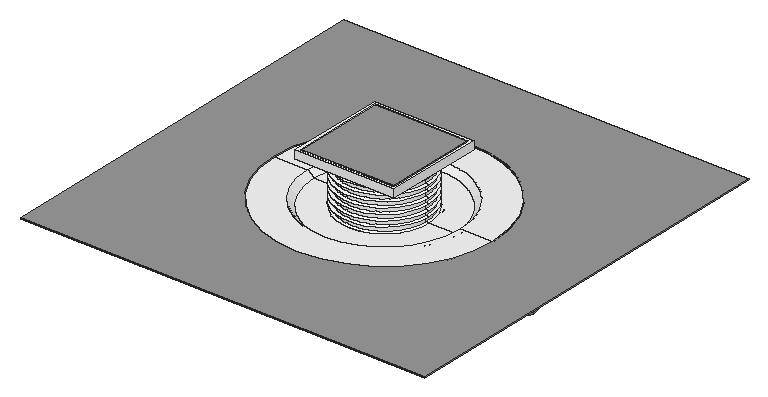
Revit family "HL_RU_Floor drain_HL90PrblueD-B-221019", category Instalační zařizovací předměty, Revit 2021
Family settings
  Kóta kulaté spojky = Použít průměr
  Typ dílu = Normální
  Číslo OmniClass = 23.70.50.21.24.14
  Nadpis OmniClass = Deck Waste Water Drains
  Založené na pracovní rovině = Ne
  Vždy vertikální = Ano
  Ořezat dutým tvarem při načtení = Ne
  Sdílené = Ano
  Bod výpočtu místnosti = Ano
Parameters
  РЕШЁТКА = "Edelstahl 115x115mm"
  РАЗМЕР = "DN40"
  ПРОПУСКНАЯ СПОСОБНОСТЬ = 0.4 L/s
  ПРОИЗВОДИТЕЛЬНОСТЬ = "0,40 l/s"
  ПРАВОВАЯ ИНФОРМАЦИЯ = "Авторские права(©), права на дизайн или какие либо другие права интелектуальной собственности являются исключительной собственностью компании HL Hutterer & Lechner. Изменению не подлежит. Файл семейства с данными о прозводителе изделия защищен паролем с водяным знаком."  # constant formula
  НОМИНАЛЬНЫЙ ДИАМЕТР = 40 mm
  НАСАДКА = "2-70mm/123mmx123mm"
  МАТЕРИАЛ = "ABS/PE"
  МАКСИМАЛЬНАЯ НАГРУЗКА КЛАССА = "K3 - 300 kg"
  ВЫСОТА МОНТАЖА = "71 mm"
  ВЕС = "0,835 [kg]"
  Výchozí výška = 0 mm
  Přípoj ventilace = no
  Výrobce = "HL Hutterer & Lechner GmbH"  # constant formula
  URL = "https://www.hutterer-lechner.com/ru/Products/catalog/Floor-drains/horizontal/without-flange/HL90PrblueD.aspx"
  Přípoj odpadních dílů = yes
  Přípoj HW = no
  Popis = "Трапы для внутренних помещений"
  Model = "HL90PrblueD"
  Komentáře k typům = "Трап с горизонтальным выпуском, с сухим сифоном Primus blue и перфорированным фланцем"
  Keynote = "HL90PrblueD"
  Высота монтажа [instance] = 129 mm
  EAN = "9003076050543"
  DN_test [instance] = if(НОМИНАЛЬНЫЙ ДИАМЕТР = 40 mm, 30 mm, 0 mm)  # 30 mm
  Přípoj CW = no
  B [instance] = Высота монтажа - 27.5 mm  # 101.5 mm
  A [instance] = if(B - 100 mm > 15 mm, B - 100 mm, 15 mm)  # 15 mm
Reference planes
  plane 1 "Center (Front/Back)": y = 0
  plane 2: z = 0
  plane 3 "Center (Left/Right)": x = 0
  plane 4 "Ball Joint Vertical": x = 25.45
  plane 5: z = -129
  plane 6: z = -101.5
Lines and regions (mm)
  model lines, style "InvisibleLines"
    curve 1: line (0, 0, 0) -> (0, 0, 1000)
  reference lines
    curve 2: line (0, 0, -101.5) -> (184.5, 0, -101.5)
  model lines, detail levels coarse+medium
    curve 3: line (0, 0, -101.5) -> (0, 0, -86.5)
    curve 4: line (0, 0, -86.5) -> (86.5, 0, 0)
    curve 5: line (0, 0, -86.5) -> (-86.5, 0, 0)
    curve 23: line (0, 0, -101.5) -> (178.25, 0, -101.5)
  symbolic lines, detail levels coarse+medium
    curve 6: line (-75, 75, 0) -> (75, 75, 0)
    curve 7: line (-75, -75, 0) -> (-75, 75, 0)
    curve 8: line (75, -75, 0) -> (-75, -75, 0)
    curve 9: line (75, 75, 0) -> (75, -75, 0)
    curve 10: line (75, 75, 0) -> (145.711, 145.711, 0)
    curve 11: line (75, -75, 0) -> (145.711, -145.711, 0)
    curve 12: line (-75, 75, 0) -> (-145.711, 145.711, 0)
    curve 13: line (-75, -75, 0) -> (-145.711, -145.711, 0)
  symbolic lines, not visible, detail levels coarse+medium
    curve 14: line (-75, 75, 0) -> (75, 75, 0)
    curve 15: line (-75, -75, 0) -> (-75, 75, 0)
    curve 16: line (75, -75, 0) -> (-75, -75, 0)
    curve 17: line (75, 75, 0) -> (75, -75, 0)
    curve 18: line (75, 75, 0) -> (145.711, 145.711, 0)
    curve 19: line (75, -75, 0) -> (145.711, -145.711, 0)
    curve 20: line (-75, 75, 0) -> (-145.711, 145.711, 0)
    curve 21: line (-75, -75, 0) -> (-145.711, -145.711, 0)
  symbolic lines, style "InvisibleLines", not visible
    curve 22: line (0, 0, 0) -> (0, 0, -30)
Text (mm)
  text "ПОЛ" at (-198.233, 0, -26.556), in view "Drain Construction View"
Dimensions and locks
  locked: plane 4 "Ball Joint Vertical" to plane 3 "Center (Left/Right)" at 25.45
  "Высота монтажа": plane 2 to plane 5
  "A": curve 5 to plane 6
  "B": curve 5 to plane 6
  "B": curve 4 to plane 6
  "B": plane 2 to plane 6
  "DN_test": curve 22 to curve 22
  locked: curve 4 to plane 3 "Center (Left/Right)" (angle 45.00°)
  locked: plane 3 "Center (Left/Right)" to curve 5 (angle 45.00°)
  aligned and locked: level to plane 2
  aligned and locked: plane 2 to curve 1
  aligned and locked: plane 3 "Center (Left/Right)" to curve 1
  aligned and locked: plane 3 "Center (Left/Right)" to curve 2
  aligned and locked: plane 3 "Center (Left/Right)" to curve 3
  aligned and locked: curve 3 to curve 2
  aligned and locked: plane 3 "Center (Left/Right)" to curve 5
  aligned and locked: nested 4 to plane 5
Automatic sketch dimensions
  curve 2 to plane 6 = 0 mm
  plane 4 "Ball Joint Vertical" to curve 2 = 159.05 mm
  curve 4 to curve 23 = 91.75 mm
  level to curve 1 = 1000 mm
Nested families
  nested 1: "HL_Насадка_HL037N.2E" at (0, 0, 0), type "HL037N.2E_Main Component"
    with Высота монтажа 70 mm, RN 11, RL 71.5 mm, R yes, NL_Test yes, NL 90 mm
  nested 2: "HL_Вкладыш сифона_HL090.5E" at (0, 0, -5.497), type "HL090.5E_Main Component"
  nested 3: "HL_Решётка_HL037Pr.1E" at (0, 0, 0), type "HL037Pr.1E_Main Component"
  nested 4: "HL_Корпус для трапа внутренних помещений_HL90KD" at (0, 0, -58.8), type "HL90KD_Main Component"
Connectors
  piping at (184.5, 0, -101.5), diameter 40, driven by "ПРОПУСКНАЯ СПОСОБНОСТЬ", driven by "НОМИНАЛЬНЫЙ ДИАМЕТР"
    settings: on curve 2, index 1, connector inside diameter 609.6 mm, connector length 0 mm, flow factor 0, pipe flow 0.4 L/s, pressure drop 0.0 Pa, fitting loss kfactor 0, connector angle 0.00°, fixture units 0, engagement length 0 mm, angle of deflection 0.00°, flow configuration 1, flow direction 2, fitting loss method 0, system type 16, joint type 0, gender type 0, connector reference index -1, connector utility 0, adjustable connector yes, is connector primary yes, connector description ""
Definition of nested family "HL_Насадка_HL037N.2E"
  Parameters
    РАЗМЕР = "d 110 mm"
    ПРАВОВАЯ ИНФОРМАЦИЯ = "Авторские права(©), права на дизайн или какие либо другие права интелектуальной собственности являются исключительной собственностью компании HL Hutterer & Lechner. Изменению не подлежит. Файл семейства с данными о прозводителе изделия защищен паролем с водяным знаком."  # constant formula
    НАСАДКА = "123x123mm"
    МАТЕРИАЛ = "PP"
    Высота монтажа [instance] = 70 mm
    ВЫСОТА МОНТАЖА = "12-70mm"
    ВЕС = "0,08 [kg]"
    Waste Connection = yes
    Default Elevation = 0 mm
    Vent Connection = no
    RD = 6.5 mm  # constant formula
    R [instance] = ((Высота монтажа - NL_Min) / RD - 1) > 2  # yes
    RL [instance] = if(Высота монтажа < 18 mm, 1 mm, RD * RN)  # 71.5 mm
    NL_Test [instance] = and(or(Высота монтажа < NL_Max, Высота монтажа = NL_Max), or(Высота монтажа > NL_Min, Высота монтажа = NL_Min))  # yes
    NL_Min = 12 mm
    NL_Max = 70 mm
    NL [instance] = if(NL_Test, Высота монтажа + 20 mm, 0 mm)  # 90 mm
    RN [instance] = if((Высота монтажа + 20 mm - NL_Min) / RD - 1 < 2, 2, (Высота монтажа + 20 mm - NL_Min) / RD - 1)  # 11
    Manufacturer = "HL Hutterer & Lechner GmbH"  # constant formula
    URL = "http://www.hutterer-lechner.com/ru/products/catalog/floor-drains/attachments/HL037pr.11e.aspx"
    HW Connection = no
    Description = "Трапы для внутренних помещений - Комплектующие"
    Model = "HL037N.2E"
    Type Comments = "HL037N.2E Насадные подрамники d 110мм/90мм/123х123мм с О-кольцом"
    Keynote = "HL037N.2E"
    EAN = "9003076015290"
    CW Connection = no
  Reference planes
    plane 1 "Center (Front/Back)": y = 0
    plane 2: z = 0
    plane 3 "Center (Left/Right)": x = 0
    plane 4 "Ball Joint Vertical": x = 25.45
    plane 5: z = -90
  Forms (mm)
    Extrusion 1, solid, detail levels fine
      sketch origin (0, 0, 0) x (1, 0, 0) y (0, 1, 0)
        loop
          line (-61.5, 61.5) -> (-61.5, -61.5) -> (61.5, -61.5) -> (61.5, 61.5) -> (-61.5, 61.5)
      from -10 to 0
    Extrusion 2, solid, detail levels fine
      sketch origin (0, 0, 0) x (1, 0, 0) y (0, 1, 0)
        loop
          circle (0, 0) r 51.744
      from -90 to -10
    Extrusion 3, void
      sketch origin (0, 0, 0) x (1, 0, 0) y (0, 1, 0)
        loop
          line (-57.5, 57.5) -> (-57.5, -57.5) -> (57.5, -57.5) -> (57.5, 57.5) -> (-57.5, 57.5)
      from 0 to -8
  Cuts and joins
    Extrusion 3 cuts Extrusion 1
  Lines and regions (mm)
    symbolic lines
      curve 1: line (0, 0, -90) -> (0, 0, 0)
    model lines
      curve 2: line (0, 0, 0) -> (0, 0, 100)
  Text (mm)
    text "ROOF/FLOOR" at (-198.233, 0, -26.556), in view "Drain Construction View"
  Dimensions and locks
    locked: plane 4 "Ball Joint Vertical" to plane 3 "Center (Left/Right)" at 25.45
    "NL": plane 2 to plane 5
    equal spacing: group 1, group 3, group 4, group 5, group 6, group 7, group 8, group 9, group 10, group 11, group 2  (x3)
    "RL": nested 2 to nested 1
    locked: nested 1 to plane 5 at 1.516
    aligned and locked: level to plane 2
    aligned and locked: plane 3 "Center (Left/Right)" to nested 1
    aligned and locked: plane 1 "Center (Front/Back)" to nested 1
    aligned and locked: plane 2 to curve 1
    aligned and locked: plane 5 to curve 1
    aligned and locked: Extrusion 2 to plane 5
  Automatic sketch dimensions
    Extrusion 1 sketch curve to plane 3 "Center (Left/Right)" = 61.5 mm
    plane 4 "Ball Joint Vertical" to Extrusion 1 sketch curve = 36.05 mm
    plane 1 "Center (Front/Back)" to Extrusion 1 sketch curve = 61.5 mm
    Extrusion 1 sketch curve to plane 1 "Center (Front/Back)" = 61.5 mm
    plane 1 "Center (Front/Back)" to Extrusion 2 sketch curve = 0 mm
    Extrusion 2 sketch curve to plane 3 "Center (Left/Right)" = 0 mm
    Extrusion 3 sketch curve to plane 3 "Center (Left/Right)" = 57.5 mm
    plane 4 "Ball Joint Vertical" to Extrusion 3 sketch curve = 32.05 mm
    plane 1 "Center (Front/Back)" to Extrusion 3 sketch curve = 57.5 mm
    Extrusion 3 sketch curve to plane 1 "Center (Front/Back)" = 57.5 mm
    curve 2 to plane 3 "Center (Left/Right)" = 0 mm
    level to curve 2 = 100 mm
    radius of Extrusion 2 sketch curve = 51.744 mm
  Nested families
    nested 1: "Ring" at (0, 0, -88.484), visible <- "R", type "Ring"
    nested 2: "Ring" at (0, 0, -16.984), visible <- "R", type "Ring"
    nested 3: "Ring" at (0, 0, -81.334), visible <- "R", type "Ring"
    nested 4: "Ring" at (0, 0, -74.184), visible <- "R", type "Ring"
    nested 5: "Ring" at (0, 0, -67.034), visible <- "R", type "Ring"
    nested 6: "Ring" at (0, 0, -59.884), visible <- "R", type "Ring"
    nested 7: "Ring" at (0, 0, -52.734), visible <- "R", type "Ring"
    nested 8: "Ring" at (0, 0, -45.584), visible <- "R", type "Ring"
    nested 9: "Ring" at (0, 0, -38.434), visible <- "R", type "Ring"
    nested 10: "Ring" at (0, 0, -31.284), visible <- "R", type "Ring"
    nested 11: "Ring" at (0, 0, -24.134), visible <- "R", type "Ring"
  Definition of nested family "Ring"
    Parameters (values of type "Ring")
      Manufacturer = ""
      Default Elevation = 0 mm
      URL = ""
      R = D / 2  # 51.5 mm
      Description = ""
      Model = ""
      Material = none
      Type Comments = ""
      D = 103 mm
      Cost = 0
    Reference planes
      plane 1 "Střed (vpředu/vzadu)": y = 0
      plane 2: z = 0
      plane 3 "Střed (vlevo/vpravo)": x = 0
    Forms (mm)
      Revolve 1, solid, material <- "Material", detail levels fine
        sketch origin (0, 0, 0) x (1, 0, 0) y (0, 0, 1)
          loop
            line (-51.5, 1.482) -> (-54.764, 0) -> (-51.5, -1.516) -> (-51.5, 1.482)
          axis (0, 1.482) -> (0, -1.516)
        angle from 0 to 360
    Dimensions and locks
      "R": Revolve 1 sketch curve to plane 3 "Střed (vlevo/vpravo)"
      aligned and locked: level to plane 2
      aligned and locked: Revolve 1 sketch curve to plane 3 "Střed (vlevo/vpravo)"
    Automatic sketch dimensions
      Revolve 1 sketch curve to level = 0 mm
      Revolve 1 sketch curve to Revolve 1 sketch curve = 3.264 mm
      Revolve 1 sketch curve to level = 1.516 mm
      level to Revolve 1 sketch curve = 1.482 mm
      Revolve 1 sketch curve to level = 381 mm
      Revolve 1 sketch curve to Revolve 1 sketch curve = 2212.833 mm
Definition of nested family "HL_Вкладыш сифона_HL090.5E"
  Parameters (values of type "HL090.5E_Main Component")
    ПРАВОВАЯ ИНФОРМАЦИЯ = "Авторские права(©), права на дизайн или какие либо другие права интелектуальной собственности являются исключительной собственностью компании HL Hutterer & Lechner. Изменению не подлежит. Файл семейства с данными о прозводителе изделия защищен паролем с водяным знаком."  # constant formula
    МАТЕРИАЛ = "PC/ABS"
    ВЕС = "0,11 [kg]"
    Waste Connection = yes
    Default Elevation = 0 mm
    Vent Connection = no
    Manufacturer = "HL Hutterer & Lechner GmbH"  # constant formula
    URL = "https://www.hutterer-lechner.com/ru/Products/catalog/Floor-drains/attachments/HL090.5E.aspx"
    HW Connection = no
    Description = "Трапы для внутренних помещений - Комплектующие"
    Model = "HL090.5E"
    Type Comments = "СУХОЙ сифон Primus blue"
    Keynote = "HL090.5E"
    EAN = "9003076050567"
    CW Connection = no
  Reference planes
    plane 1 "Center (Front/Back)": y = 0
    plane 2: z = 0
    plane 3 "Center (Left/Right)": x = 0
    plane 4 "Ball Joint Vertical": x = 25.45
  Forms (mm)
    Revolve 1, solid, detail levels fine
      sketch origin (0, 0, 0) x (0, 1, 0) y (0, 0, 1)
        loop
          line (-44.7, 0) -> (-53, 0) -> (-53, -2) -> (-49.228, -2) -> (-49.228, -13.214) -> (-46.721, -13.214) -> (-46.721, -20.152) -> (0, -20.152) -> (0, -18.268) -> (-32.15, -18.268) -> (-44.7, -18.268) -> (-44.7, 0)
        axis (0, 0) -> (0, -20.152)
      angle from 0 to 360
    Extrusion 2, solid, detail levels fine
      sketch origin (0, 0, 0) x (1, 0, 0) y (0, 1, 0)
        loop
          line (34.626, 31.41) -> (-34.626, 31.41)
          arc (-34.626, 31.41) -> (-46.75, 0) -> (-34.626, -31.41) r 46.75
          line (-34.626, -31.41) -> (34.626, -31.41)
          arc (34.626, -31.41) -> (46.721, 0) -> (34.626, 31.41) r 46.834
      from -20.152 to -57
    Revolve 3, solid, detail levels fine
      sketch origin (0, 0, 0) x (0, 1, 0) y (0, 0, 1)
        loop
          arc (-49.228, -6.728) -> (-50.709, -8.655) -> (-49.228, -10.583) r 1.995
          line (-49.228, -10.583) -> (-49.228, -6.728)
        axis (0, -6.728) -> (0, -10.583)
      angle from 0 to 360
    Revolve 4, solid, detail levels fine
      sketch origin (0, 0, 0) x (0, 1, 0) y (0, 0, 1)
        loop
          line (0, -18.268) -> (0, 0) -> (-33.004, -1.346) -> (-33.004, -3.231) -> (-32.15, -3.231) -> (-32.15, -18.268) -> (0, -18.268)
        axis (0, 0) -> (0, -18.268)
      angle from 0 to 360
  Text (mm)
    text "ROOF/FLOOR" at (-198.233, 0, -26.556), in view "Drain Construction View"
  Dimensions and locks
    locked: plane 4 "Ball Joint Vertical" to plane 3 "Center (Left/Right)" at 25.45
    aligned and locked: level to plane 2
    aligned and locked: Extrusion 2 to Revolve 1
Definition of nested family "HL_Решётка_HL037Pr.1E"
  Parameters (values of type "HL037Pr.1E")
    РАЗМЕР = "115x115mm"
    ПРАВОВАЯ ИНФОРМАЦИЯ = "Авторские права(©), права на дизайн или какие либо другие права интелектуальной собственности являются исключительной собственностью компании HL Hutterer & Lechner. Изменению не подлежит. Файл семейства с данными о прозводителе изделия защищен паролем с водяным знаком."  # constant formula
    МАТЕРИАЛ = "V2A"
    МАКСИМАЛЬНАЯ НАГРУЗКА КЛАССА = "K3 - 300 kg"
    ВЕС = "0,15 [kg]"
    Waste Connection = yes
    Default Elevation = 0 mm
    Vent Connection = no
    Manufacturer = "HL Hutterer & Lechner GmbH"  # constant formula
    URL = "http://www.hutterer-lechner.com/ru/products/catalog/floor-drains/attachments/HL037pr.1e.aspx"
    HW Connection = no
    Description = "Трапы для внутренних помещений - Комплектующие"
    Model = "HL037Pr.1E"
    Type Comments = "HL037Pr.1E Решётка из нержавеющей стали 115х115 мм"
    Keynote = "HL037Pr.1E"
    EAN = "9003076028474"
    CW Connection = no
  Reference planes
    plane 1 "Center (Front/Back)": y = 0
    plane 2: z = 0
    plane 3 "Center (Left/Right)": x = 0
    plane 4 "Ball Joint Vertical": x = 25.45
  Forms (mm)
    Extrusion 1, solid, detail levels fine
      sketch origin (0, 0, 0) x (1, 0, 0) y (0, 1, 0)
        loop
          line (57.5, 57.5) -> (-57.5, 57.5) -> (-57.5, -57.5) -> (57.5, -57.5) -> (57.5, 57.5)
      from 0 to -5
  Lines and regions (mm)
    model lines, detail levels fine
      curve 1: spline (-13.927, 0, 0) -> (-13.452, 1.165, 0) -> (-12.061, 2.25, 0) -> (-9.848, 3.182, 0) -> (-6.964, 3.897, 0) -> (-3.605, 4.347, 0) -> (0, 4.5, 0) -> (3.605, 4.347, 0) -> (6.964, 3.897, 0) -> (9.848, 3.182, 0) -> (12.061, 2.25, 0) -> (13.452, 1.165, 0) -> (13.927, 0, 0) -> (13.452, -1.165, 0) -> (12.061, -2.25, 0) -> (9.848, -3.182, 0) -> (6.964, -3.897, 0) -> (3.605, -4.347, 0) -> (0, -4.5, 0) -> (-3.605, -4.347, 0) -> (-6.964, -3.897, 0) -> (-9.848, -3.182, 0) -> (-12.061, -2.25, 0) -> (-13.452, -1.165, 0) -> (-13.927, 0, 0)
      curve 2: line (-5.9, 0.4, 0) -> (-11.9, 0.4, 0)
      curve 3: line (-3.65, -2, 0) -> (-3.65, 2, 0)
      curve 4: arc (-3.65, 2, 0) -> (-3.15, 2.5, 0) -> (-2.65, 2, 0) r 0.5
      curve 5: line (-2.65, 2, 0) -> (-2.65, 0.5, 0)
      curve 6: line (-2.65, 0.5, 0) -> (-0.65, 0.5, 0)
      curve 7: line (-0.65, 0.5, 0) -> (-0.65, 2, 0)
      curve 8: arc (-0.65, 2, 0) -> (-0.15, 2.5, 0) -> (0.35, 2, 0) r 0.5
      curve 9: line (0.35, 2, 0) -> (0.35, -2, 0)
      curve 10: arc (0.35, -2, 0) -> (-0.15, -2.5, 0) -> (-0.65, -2, 0) r 0.5
      curve 11: line (-0.65, -2, 0) -> (-0.65, -0.5, 0)
      curve 12: line (-0.65, -0.5, 0) -> (-2.65, -0.5, 0)
      curve 13: line (-2.65, -0.5, 0) -> (-2.65, -2, 0)
      curve 14: arc (-2.65, -2, 0) -> (-3.15, -2.5, 0) -> (-3.65, -2, 0) r 0.5
      curve 15: line (1.85, -2, 0) -> (1.85, 2, 0)
      curve 16: arc (1.85, 2, 0) -> (1.996, 2.354, 0) -> (2.35, 2.5, 0) r 0.5
      curve 17: arc (2.35, 2.5, 0) -> (2.704, 2.354, 0) -> (2.85, 2, 0) r 0.5
      curve 18: line (2.85, 2, 0) -> (2.85, -1, 0)
      curve 19: arc (2.85, -1, 0) -> (2.996, -1.354, 0) -> (3.35, -1.5, 0) r 0.5
      curve 20: line (3.35, -1.5, 0) -> (4.35, -1.5, 0)
      curve 21: arc (4.35, -1.5, 0) -> (4.85, -2, 0) -> (4.35, -2.5, 0) r 0.5
      curve 22: line (4.35, -2.5, 0) -> (2.35, -2.5, 0)
      curve 23: arc (2.35, -2.5, 0) -> (1.996, -2.354, 0) -> (1.85, -2, 0) r 0.5
      curve 24: line (12.1, 0.4, 0) -> (6.1, 0.4, 0)
      curve 25: line (-5.9, -0.4, 0) -> (-11.9, -0.4, 0)
      curve 26: line (12.1, -0.4, 0) -> (6.1, -0.4, 0)
      curve 27: line (-5.9, 0.4, 0) -> (-5.9, -0.4, 0)
      curve 28: line (-11.9, 0.4, 0) -> (-11.9, -0.4, 0)
      curve 29: line (6.1, 0.4, 0) -> (6.1, -0.4, 0)
      curve 30: line (12.1, 0.4, 0) -> (12.1, -0.4, 0)
      curve 31: arc (38.029, -24.059, 0) -> (45, 0, 0) -> (38.029, 24.059, 0) r 45
      curve 32: arc (38.029, 24.059, 0) -> (35.09, 25.896, 0) -> (31.82, 24.749, 0) r 4
      curve 33: arc (31.82, 24.749, 0) -> (30.673, 22.362, 0) -> (31.268, 19.782, 0) r 4
      curve 34: arc (31.268, 19.782, 0) -> (37, 0, 0) -> (31.268, -19.782, 0) r 37
      curve 35: arc (31.268, -19.782, 0) -> (30.673, -22.362, 0) -> (31.82, -24.749, 0) r 4
      curve 36: arc (31.82, -24.749, 0) -> (35.09, -25.896, 0) -> (38.029, -24.059, 0) r 4
      curve 37: arc (24.059, 38.029, 0) -> (0, 45, 0) -> (-24.059, 38.029, 0) r 45
      curve 38: arc (-24.059, 38.029, 0) -> (-25.896, 35.09, 0) -> (-24.749, 31.82, 0) r 4
      curve 39: arc (-24.749, 31.82, 0) -> (-22.362, 30.673, 0) -> (-19.782, 31.268, 0) r 4
      curve 40: arc (-19.782, 31.268, 0) -> (0, 37, 0) -> (19.782, 31.268, 0) r 37
      curve 41: arc (19.782, 31.268, 0) -> (22.362, 30.673, 0) -> (24.749, 31.82, 0) r 4
      curve 42: arc (24.749, 31.82, 0) -> (25.896, 35.09, 0) -> (24.059, 38.029, 0) r 4
      curve 43: arc (24.059, -38.029, 0) -> (0, -45, 0) -> (-24.059, -38.029, 0) r 45
      curve 44: arc (-24.059, -38.029, 0) -> (-25.896, -35.09, 0) -> (-24.749, -31.82, 0) r 4
      curve 45: arc (-24.749, -31.82, 0) -> (-22.362, -30.673, 0) -> (-19.782, -31.268, 0) r 4
      curve 46: arc (-19.782, -31.268, 0) -> (0, -37, 0) -> (19.782, -31.268, 0) r 37
      curve 47: arc (19.782, -31.268, 0) -> (22.362, -30.673, 0) -> (24.749, -31.82, 0) r 4
      curve 48: arc (24.749, -31.82, 0) -> (25.896, -35.09, 0) -> (24.059, -38.029, 0) r 4
      curve 49: arc (-38.029, -24.059, 0) -> (-45, 0, 0) -> (-38.029, 24.059, 0) r 45
      curve 50: arc (-38.029, 24.059, 0) -> (-35.09, 25.896, 0) -> (-31.82, 24.749, 0) r 4
      curve 51: arc (-31.82, 24.749, 0) -> (-30.673, 22.362, 0) -> (-31.268, 19.782, 0) r 4
      curve 52: arc (-31.268, 19.782, 0) -> (-37, 0, 0) -> (-31.268, -19.782, 0) r 37
      curve 53: arc (-31.268, -19.782, 0) -> (-30.673, -22.362, 0) -> (-31.82, -24.749, 0) r 4
      curve 54: arc (-31.82, -24.749, 0) -> (-35.09, -25.896, 0) -> (-38.029, -24.059, 0) r 4
    model lines
      curve 55: line (0, 0, 0) -> (0, 0, 100)
  Text (mm)
    text "ROOF/FLOOR" at (-198.233, 0, -26.556), in view "Drain Construction View"
  Dimensions and locks
    locked: plane 4 "Ball Joint Vertical" to plane 3 "Center (Left/Right)" at 25.45
    aligned and locked: level to plane 2
Definition of nested family "HL_Корпус для трапа внутренних помещений_HL90KD"
  Parameters
    РАЗМЕР = "DN40"
    ПРАВОВАЯ ИНФОРМАЦИЯ = "Авторские права(©), права на дизайн или какие либо другие права интелектуальной собственности являются исключительной собственностью компании HL Hutterer & Lechner. Изменению не подлежит. Файл семейства с данными о прозводителе изделия защищен паролем с водяным знаком."  # constant formula
    МАТЕРИАЛ = "ABS/PE"
    ВЫСОТА МОНТАЖА = "69 mm"
    ВЕС = "0,27 [kg]"
    Waste Connection = yes
    Default Elevation = 0 mm
    Vent Connection = no
    Manufacturer = "HL Hutterer & Lechner GmbH"  # constant formula
    URL = "http://www.hutterer-lechner.com/ru/Products/catalog/floor-drains/attachments/HL90KD.aspx"
    HW Connection = no
    Description = "Трапы для внутренних помещений - Комплектующие"
    Model = "HL90KD"
    Type Comments = "HL90KD Корпус трапа с фланцем, покрытым синтетическим полотном, DN40"
    Keynote = "HL90KD"
    EAN = "9003076029532"
    CW Connection = no
  Reference planes
    plane 1 "Center (Front/Back)": y = 0
    plane 2: z = 0
    plane 3 "Center (Left/Right)": x = 0
    plane 4 "Ball Joint Vertical": x = 25.45
  Forms (mm)
    Revolve 1, solid, detail levels fine
      sketch origin (0, 0, 0) x (1, 0, 0) y (0, 0, 1)
        loop
          line (-57.85, -11.7) -> (-57.85, -54.7)
          arc (-57.85, -54.7) -> (-55.068, -61.418) -> (-48.35, -64.2) r 9.5
          line (-48.35, -64.2) -> (-37.502, -64.2)
          arc (-37.502, -64.2) -> (-33.124, -68.428) -> (-27.302, -70.2) r 13
          line (-27.302, -70.2) -> (0, -70.2) -> (0, -67.7) -> (-26.671, -67.7)
          arc (-26.671, -67.7) -> (-32.256, -66.137) -> (-35.99, -61.7) r 9.841
          line (-35.99, -61.7) -> (-47.738, -61.7)
          arc (-47.738, -61.7) -> (-53.064, -59.867) -> (-55.341, -54.715) r 7.04
          line (-55.341, -54.715) -> (-55.341, -8) -> (-87.003, -8) -> (-94.003, -1) -> (-135, -1) -> (-135, -3.7) -> (-96.536, -3.7) -> (-88.536, -11.7) -> (-57.85, -11.7)
        axis (0, -1) -> (0, -70.2)
      angle from 0 to 360
    Extrusion 2, solid, detail levels fine
      sketch origin (0, 0, 0) x (1, 0, 0) y (0, 1, 0)
        loop
          line (250, 250) -> (-250, 250) -> (-250, -250) -> (250, -250) -> (250, 250)
        loop
          circle (0, 0) r 135
      from -1 to 0
    Revolve 3, solid, detail levels fine
      sketch origin (0, 0, 0) x (1, 0, 0) y (0, 0, 1)
        loop
          line (94, -66.7) -> (94, -61.7) -> (44, -61.7) -> (44, -64.2) -> (84, -64.2) -> (84, -66.7) -> (94, -66.7)
        axis (94, -42.7) -> (44, -42.7)
      angle from 0 to 360
    Revolve 4, solid, detail levels fine
      sketch origin (0, 0, 0) x (1, 0, 0) y (0, 0, 1)
        loop
          line (184.5, -22.7) -> (118.175, -22.7)
          arc (118.175, -22.7) -> (109.455, -17.144) -> (99.3, -15.2) r 27.5
          line (99.3, -15.2) -> (92.5, -15.2) -> (92.5, -18.7) -> (107.315, -18.7) -> (118.5, -24.9) -> (184.5, -24.9) -> (184.5, -22.7)
        axis (92.5, -42.7) -> (184.5, -42.7)
      angle from 0 to 360
    Revolve 5, void
      sketch origin (0, 0, 0) x (1, 0, 0) y (0, 0, 1)
        loop
          line (0, -13.884) -> (-55.341, -13.884) -> (-55.341, -54.715)
          arc (-55.341, -54.715) -> (-53.077, -59.881) -> (-47.738, -61.7) r 7
          line (-47.738, -61.7) -> (0, -61.7) -> (0, -54.715) -> (0, -13.884)
        axis (0, -13.884) -> (0, -61.7)
      angle from 0 to 360
    Revolve 6, void
      sketch origin (0, 0, 0) x (1, 0, 0) y (0, 0, 1)
        loop
          line (92.5, -42.7) -> (92.5, -23.7) -> (37.5, -23.7) -> (37.5, -42.7) -> (92.5, -42.7)
        axis (92.5, -42.7) -> (37.5, -42.7)
      angle from 0 to 360
  Cuts and joins
    Revolve 5, Revolve 6 cuts Revolve 3
    Revolve 6 cuts Revolve 1
  Text (mm)
    text "ROOF/FLOOR" at (-198.233, 0, -26.556), in view "Drain Construction View"
  Dimensions and locks
    locked: plane 4 "Ball Joint Vertical" to plane 3 "Center (Left/Right)" at 25.45
    aligned and locked: level to plane 2
